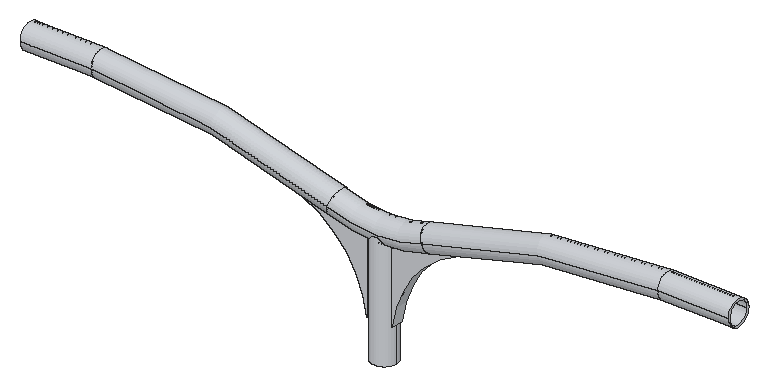
Revit family "Lighting-StreetLighting-GEWISS-STREET[O3]-DOUBLE_HEAD_BRACKET", category Apparecchi per illuminazione, Revit 2019
Family settings
  Quota connettore circolare = Usa diametro
  Tipo di parte = Normale
  Numero OmniClass = 23.80.00.00
  Titolo OmniClass = Electric Power and Lighting
  Basato su piano di lavoro = Sì
  Sempre verticale = No
  Taglio con vuoti quando caricato = No
  Sorgente d'illuminazione = No
  Condiviso = No
  Punto di calcolo locali = No
Parameters (values of type "GW87582 - Galvanised steel - Grey - Double")
  Weight (kg): = "11,5"
  Weight (kg) = "11,5"
  Version file RFA = "20.11"
  URL = "https://www.gewiss.com/ww/en"
  Tubolare = none
  Technical sheet = "https://www.gewiss.com/ww/en/search?q=GW87582"
  Supporti = none
  SIMBOLO [instance] = yes
  SEO = "Bracket"
  Realized by GEWISS S.p.A. = ""
  Default Elevation = 1219.2 mm
  Produttore = "GEWISS S.p.A."
  Modello = "GW87582"
  Material = "Galvanised steel"
  Length = "1+1 m"
  L_staffa = 120 mm
  Immagine tipo = GW87582.jpg
  IFC.TypeObject = ""
  IFC.ExportType = ""
  IFC.ExportAs = ""
  IDT = "df385655-572c-45cd-afe2-85265a4e7826"
  IDF = "7e945946-5768-40a6-be54-5c9846dae879"
  Electrocod = "240"
  EAN code = "8011564783041"
  Dimensions (mm) = "Ø 60mm"
  Dimension = "Ø 60mm"
  Descrizione = "STREET DOUBLE POLE HEAD BRACKET GR. GREY"
  Description: = "Double pole head bracket"
  Colour = "Graphite grey"
  Catalogue Range = "STREET [O3]"
  Catalogue = "LIGHTING"
  COBie.Tagnumber = ""
  COBie.CreatedOn = ""
  COBie.CreatebBy = ""
  COBie.ComponentRegisterItemID = ""
  COBie.Component.TagNumber = ""
  COBie.Component.Space = ""
  COBie.Component.SerialNumber = ""
  COBie.Component.InstallationDate = ""
  COBie.Component.Description = ""
  COBie.Component.BarCode = ""
  BIDIMENSIONALE [instance] = not(SIMBOLO)  # no
  Altezza da terra testa staffa = 821.938 mm
Reference planes
  plane 1 "Centro (Fronte/Retro)": y = 0
  plane 2: z = 0
  plane 3 "Centro (Sinistra/Destra)": x = 0
Forms (mm)
  Sweep 1, solid, material <- "Tubolare"
    path origin (0, 0, -775.338) x (1, 0, 0) y (0, 0, 1)
      loop
        line (1000, 1242.308) -> (800, 1242.308)
        arc (800, 1242.308) -> (461.796, 1213.505) -> (133.333, 1127.926) r 2000
        arc (133.333, 1127.926) -> (0, 1105.049) -> (-133.333, 1127.926) r 400
        arc (-133.333, 1127.926) -> (-461.796, 1213.505) -> (-800, 1242.308) r 2000
        line (-800, 1242.308) -> (-1000, 1242.308)
    profile origin (-461.796, 0, 438.167) x (-0.169102, 0, -0.985599) y (0, -1, 0)
      loop
        circle (0, 0) r 35
      loop
        circle (0, 0) r 31
  Sweep 2, solid, material <- "Tubolare"
    path origin (0, 0, -775.338) x (1, 0, 0) y (0, 0, 1)
      loop
        line (0, 1099.248) -> (0, 775.338)
    profile origin (0, 0, 161.955) x (0, -1, 0) y (1, 0, 0)
      loop
        circle (0, 0) r 35
      loop
        circle (0, 0) r 31
  Extrusion 3, solid, material <- "Supporti"
    sketch origin (0, 0, -775.338) x (1, 0, 0) y (0, 0, 1)
      loop
        arc (-143.667, 1098.699) -> (-178.509, 1110.652) -> (-213.569, 1121.951) r 1969
        line (-213.569, 1121.951) -> (-215.96, 1116.424)
        arc (-215.96, 1116.424) -> (-94.15, 1019.88) -> (-37, 875.338) r 300
        line (-37, 875.338) -> (-35, 875.338) -> (-35, 1075.473)
        arc (-35, 1075.473) -> (-90.085, 1083.569) -> (-143.667, 1098.699) r 431
      loop
        line (35, 1075.473) -> (35, 875.338) -> (37, 875.338)
        arc (37, 875.338) -> (94.15, 1019.88) -> (215.96, 1116.424) r 300
        line (215.96, 1116.424) -> (213.569, 1121.951)
        arc (213.569, 1121.951) -> (178.509, 1110.652) -> (143.667, 1098.699) r 1969
        arc (143.667, 1098.699) -> (90.085, 1083.569) -> (35, 1075.473) r 431
    from -16.126 to 16.209
Lines and regions (mm)
  Masking region 1, visible <- "BIDIMENSIONALE"
    outline origin (0, 0, 0) x (1, 0, 0) y (0, 1, 0)
      loop
        line (-1000, 35) -> (-1000, -35) -> (1000, -35) -> (1000, 35) -> (-1000, 35)
  Masking region 2
    outline origin (0, 0, -775.338) x (1, 0, 0) y (0, 0, 1)
      loop
        line (-1000, 1277.308) -> (-1000, 1207.308) -> (-780, 1207.308)
        arc (-780, 1207.308) -> (-494.342, 1184.441) -> (-215.96, 1116.424) r 1795.699
        arc (-215.96, 1116.424) -> (-84.314, 1005.806) -> (-35.036, 841.068) r 300
        line (-35.036, 841.068) -> (-35, 775.338) -> (35, 775.338) -> (35, 841.068)
        arc (35, 841.068) -> (84.314, 1005.806) -> (215.96, 1116.424) r 300
        arc (215.96, 1116.424) -> (494.342, 1184.441) -> (780, 1207.308) r 1795.699
        line (780, 1207.308) -> (1000, 1207.308) -> (1000, 1277.308) -> (780, 1277.308)
        arc (780, 1277.308) -> (430.577, 1245.206) -> (92.853, 1149.974) r 1917.736
        arc (92.853, 1149.974) -> (-3.831, 1140.745) -> (-100.205, 1152.778) r 443.612
        arc (-100.205, 1152.778) -> (-434.447, 1245.919) -> (-780, 1277.308) r 1917.736
        line (-780, 1277.308) -> (-1000, 1277.308)
  Masking region 3
    outline origin (0, -0.162, -775.338) x (0, 1, 0) y (0, 0, 1)
      loop
        arc (35, 1242.308) -> (0, 1277.308) -> (-35, 1242.308) r 35
        line (-35, 1242.308) -> (-35, 775.338) -> (35, 775.338) -> (35, 1242.308)
  Masking region 4
    outline origin (0, -0.162, -775.338) x (0, 1, 0) y (0, 0, 1)
      loop
        line (-16.209, 1121.951) -> (-16.209, 875.338) -> (16.126, 875.338) -> (16.126, 1121.951) -> (-16.209, 1121.951)
Dimensions and locks
  aligned and locked: level to plane 2
  aligned and locked: Masking region 1 sketch curve to Sweep 1  (x2)
  aligned and locked: plane 3 "Centro (Sinistra/Destra)" to nested 1
  aligned and locked: plane 1 "Centro (Fronte/Retro)" to nested 1
  aligned and locked: Masking region 2 sketch curve to Sweep 1
  aligned and locked: Sweep 2 to level
  aligned and locked: Masking region 2 to level
  aligned and locked: level to Sweep 2  (x3)
Nested families
  nested 1: "ACCPALO" at (0, 0, 0), visible <- "SIMBOLO", type "ACCPALO"
Definition of nested family "ACCPALO"
  Reference planes
    plane 1 "Centro (Fronte/Retro)": y = 0
    plane 2: z = 0
    plane 3 "Centro (Sinistra/Destra)": x = 0
  Lines and regions (mm)
    detail lines, in view "Livello rif."
      curve 1: spline (-17.247, 26.335, 0) -> (-16.659, 25.345, 0) -> (-14.936, 24.424, 0) -> (-12.195, 23.632, 0) -> (-8.623, 23.025, 0) -> (-4.464, 22.643, 0) -> (0, 22.513, 0) -> (4.464, 22.643, 0) -> (8.623, 23.025, 0) -> (12.195, 23.632, 0) -> (14.936, 24.424, 0) -> (16.659, 25.345, 0) -> (17.247, 26.335, 0) -> (16.659, 27.324, 0) -> (14.936, 28.245, 0) -> (12.195, 29.037, 0) -> (8.623, 29.644, 0) -> (4.464, 30.026, 0) -> (0, 30.156, 0) -> (-4.464, 30.026, 0) -> (-8.623, 29.644, 0) -> (-12.195, 29.037, 0) -> (-14.936, 28.245, 0) -> (-16.659, 27.324, 0) -> (-17.247, 26.335, 0)
      curve 2: spline (-17.266, -26.469, 0) -> (-14.61, -27.838, 0) -> (-11.877, -28.965, 0) -> (-9.078, -29.846, 0) -> (-6.224, -30.478, 0) -> (-3.325, -30.859, 0) -> (-0.393, -30.986, 0) -> (2.562, -30.86, 0) -> (5.527, -30.481, 0) -> (8.491, -29.85, 0) -> (11.443, -28.969, 0) -> (14.372, -27.843, 0) -> (17.266, -26.475, 0)
      curve 3: line (-85.401, -52.093, 0) -> (85.401, -52.093, 0)
      curve 4: line (85.401, -52.093, 0) -> (85.401, 52.093, 0)
      curve 5: line (85.401, 52.093, 0) -> (-85.401, 52.093, 0)
      curve 6: line (-85.401, 52.093, 0) -> (-85.401, -52.093, 0)
      curve 7: line (-17.266, -26.469, 0) -> (-17.266, 26.335, 0)
      curve 8: line (17.266, -26.475, 0) -> (17.266, 26.335, 0)
